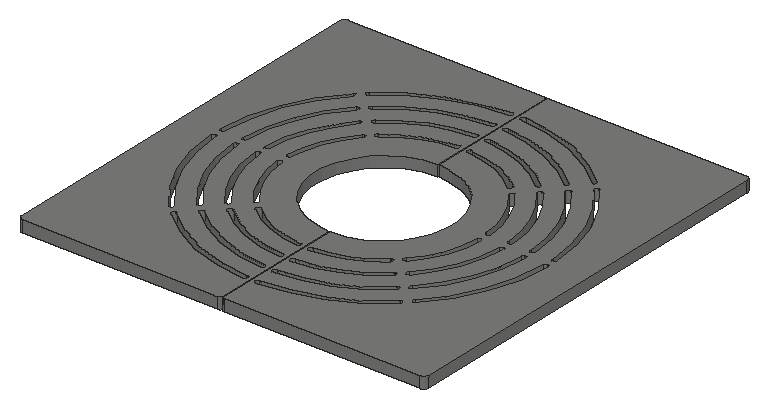
Revit family "Alcorque Taulat", category Furniture, Revit 2020
Family settings
  OmniClass Number = 23.40.20.00
  OmniClass Title = General Furniture and Specialties
  Work Plane-Based = No
  Always vertical = Yes
  Cut with Voids When Loaded = No
  Shared = No
  Room Calculation Point = No
Parameters (values of type "Alcorque Taulat-A29A-1495mm")
  URL_Producto = "https://www.benito.com/es/mobiliario-urbano/alcorques/taulat--A27A.html"
  Type Comments = "A25A con 3 aberturas circulares. A26A, A27A y A29A con 4 aberturas circulares."
  Material = Acero Ferrus
  H = 0.040 m
  Ficha_Tecnica = "https://www.benito.com/es/download/data-sheet-A27A"
  Fabricante = "BENITO URBAN SL"
  Description = "Alcorque fabricado en acero con tratamiento Ferrus, proceso protector del hierro que garantiza una óptima resistencia a la corrosión"
  Default Elevation = 0.000 m
  D = 0.500 m
  B = 1.495 m
  Alcorque Taulat-A29A-1495mm = yes
  Alcorque Taulat-A27A-1195mm = no
  Alcorque Taulat-A26A-995mm = no
  Alcorque Taulat-A25A-795mm = no
  A = 1.495 m
Reference planes (m)
  plane 1 "Center (Front/Back)": y = 0
  plane 2: z = 0
  plane 3 "Center (Left/Right)": x = 0
Dimensions and locks (m)
  aligned and locked: level to plane 2
Nested families (m)
  nested 1: "Alcorque Taulat-A25A-795mm" at (0, 0, 0), visible <- "Alcorque Taulat-A25A-795mm", type "Alcorque Taulat-A25A-795mm"
  nested 2: "Alcorque Taulat-A26A-995mm" at (0, 0, 0), visible <- "Alcorque Taulat-A26A-995mm", type "Alcorque Taulat-A26A-995mm"
  nested 3: "Alcorque Taulat-A27A-1195mm" at (0, 0, 0), visible <- "Alcorque Taulat-A27A-1195mm", type "Alcorque Taulat-A27A-1195mm"
  nested 4: "Alcorque Taulat-A29A-1495mm" at (0, 0, 0), visible <- "Alcorque Taulat-A29A-1495mm", type "Alcorque Taulat-A29A-1495mm"
Definition of nested family "Alcorque Taulat-A25A-795mm"
  Parameters (values of type "Alcorque Taulat-A25A-795mm")
    Default Elevation = 0.000 m
  Reference planes (m)
    plane 1 "Center (Front/Back)": y = 0
    plane 2: z = 0
    plane 3 "Center (Left/Right)": x = 0
    plane 4: y = 0.3975
    plane 5: y = -0.3975
    plane 6: x = 0.3975
    plane 7: x = -0.3975
    plane 8: z = 0.04
  Forms (m)
    Extrusion 1, solid
      sketch origin (0, 0, 0) x (1, 0, 0) y (0, 1, 0)
        loop
          arc (0.3875, -0.3975) -> (0.394571, -0.394571) -> (0.3975, -0.3875) r 0.01
          line (0.3975, -0.3875) -> (0.3975, 0.3875)
          arc (0.3975, 0.3875) -> (0.394571, 0.394571) -> (0.3875, 0.3975) r 0.01
          line (0.3875, 0.3975) -> (0.006, 0.3975)
          arc (0.006, 0.3975) -> (0.002464, 0.396036) -> (0.001, 0.3925) r 0.005
          line (0.001, 0.3925) -> (0.001, 0.154884)
          arc (0.001, 0.154884) -> (0.002397, 0.151417) -> (0.005806, 0.149888) r 0.005
          arc (0.005806, 0.149888) -> (0.15, 0) -> (0.005806, -0.149888) r 0.15
          arc (0.005806, -0.149888) -> (0.002397, -0.151417) -> (0.001, -0.154884) r 0.005
          line (0.001, -0.154884) -> (0.001, -0.3925)
          arc (0.001, -0.3925) -> (0.002464, -0.396036) -> (0.006, -0.3975) r 0.005
          line (0.006, -0.3975) -> (0.3875, -0.3975)
        loop
          arc (0.014671, 0.189433) -> (0.07271, 0.175537) -> (0.123575, 0.144323) r 0.19
          arc (0.123575, 0.144323) -> (0.131683, 0.145298) -> (0.131357, 0.153458) r 0.006019
          arc (0.131357, 0.153458) -> (0.077302, 0.186624) -> (0.015628, 0.201395) r 0.202
          arc (0.015628, 0.201395) -> (0.009628, 0.195855) -> (0.014671, 0.189433) r 0.006019
        loop
          arc (0.015628, 0.253519) -> (0.009628, 0.247886) -> (0.014871, 0.241543) r 0.006012
          arc (0.014871, 0.241543) -> (0.092609, 0.223579) -> (0.160281, 0.181312) r 0.242
          arc (0.160281, 0.181312) -> (0.168474, 0.182089) -> (0.168215, 0.190315) r 0.006012
          arc (0.168215, 0.190315) -> (0.097202, 0.234665) -> (0.015628, 0.253519) r 0.254
        loop
          arc (0.015628, 0.305601) -> (0.009628, 0.299906) -> (0.015002, 0.293617) r 0.006008
          arc (0.015002, 0.293617) -> (0.112509, 0.271621) -> (0.19701, 0.218227) r 0.294
          arc (0.19701, 0.218227) -> (0.205258, 0.218873) -> (0.205042, 0.227143) r 0.006008
          arc (0.205042, 0.227143) -> (0.117101, 0.282707) -> (0.015628, 0.305601) r 0.306
        loop
          arc (0.015095, 0.345671) -> (0.132408, 0.319662) -> (0.233752, 0.2551) r 0.346
          arc (0.233752, 0.2551) -> (0.242037, 0.255652) -> (0.241853, 0.263953) r 0.006006
          arc (0.241853, 0.263953) -> (0.137001, 0.330749) -> (0.015628, 0.357659) r 0.358
          arc (0.015628, 0.357659) -> (0.009628, 0.351919) -> (0.015095, 0.345671) r 0.006006
        loop
          arc (0.144323, 0.123575) -> (0.175537, 0.07271) -> (0.189433, 0.014671) r 0.19
          arc (0.189433, 0.014671) -> (0.195855, 0.009628) -> (0.201395, 0.015628) r 0.006019
          arc (0.201395, 0.015628) -> (0.186624, 0.077302) -> (0.153458, 0.131357) r 0.202
          arc (0.153458, 0.131357) -> (0.145298, 0.131683) -> (0.144323, 0.123575) r 0.006019
        loop
          arc (0.190315, 0.168215) -> (0.182089, 0.168474) -> (0.181312, 0.160281) r 0.006012
          arc (0.181312, 0.160281) -> (0.223579, 0.092609) -> (0.241543, 0.014871) r 0.242
          arc (0.241543, 0.014871) -> (0.247886, 0.009628) -> (0.253519, 0.015628) r 0.006012
          arc (0.253519, 0.015628) -> (0.234665, 0.097202) -> (0.190315, 0.168215) r 0.254
        loop
          arc (0.227143, 0.205042) -> (0.218873, 0.205258) -> (0.218227, 0.19701) r 0.006008
          arc (0.218227, 0.19701) -> (0.271621, 0.112509) -> (0.293617, 0.015002) r 0.294
          arc (0.293617, 0.015002) -> (0.299906, 0.009628) -> (0.305601, 0.015628) r 0.006008
          arc (0.305601, 0.015628) -> (0.282707, 0.117101) -> (0.227143, 0.205042) r 0.306
        loop
          arc (0.2551, 0.233752) -> (0.319662, 0.132408) -> (0.345671, 0.015095) r 0.346
          arc (0.345671, 0.015095) -> (0.351919, 0.009628) -> (0.357659, 0.015628) r 0.006006
          arc (0.357659, 0.015628) -> (0.330749, 0.137001) -> (0.263953, 0.241853) r 0.358
          arc (0.263953, 0.241853) -> (0.255652, 0.242037) -> (0.2551, 0.233752) r 0.006006
        loop
          arc (0.014671, -0.189433) -> (0.009628, -0.195855) -> (0.015628, -0.201395) r 0.006019
          arc (0.015628, -0.201395) -> (0.077302, -0.186624) -> (0.131357, -0.153458) r 0.202
          arc (0.131357, -0.153458) -> (0.131683, -0.145298) -> (0.123575, -0.144323) r 0.006019
          arc (0.123575, -0.144323) -> (0.07271, -0.175537) -> (0.014671, -0.189433) r 0.19
        loop
          arc (0.015628, -0.253519) -> (0.097202, -0.234665) -> (0.168215, -0.190315) r 0.254
          arc (0.168215, -0.190315) -> (0.168474, -0.182089) -> (0.160281, -0.181312) r 0.006012
          arc (0.160281, -0.181312) -> (0.092609, -0.223579) -> (0.014871, -0.241543) r 0.242
          arc (0.014871, -0.241543) -> (0.009628, -0.247886) -> (0.015628, -0.253519) r 0.006012
        loop
          arc (0.015628, -0.305601) -> (0.117101, -0.282707) -> (0.205042, -0.227143) r 0.306
          arc (0.205042, -0.227143) -> (0.205258, -0.218873) -> (0.19701, -0.218227) r 0.006008
          arc (0.19701, -0.218227) -> (0.112509, -0.271621) -> (0.015002, -0.293617) r 0.294
          arc (0.015002, -0.293617) -> (0.009628, -0.299906) -> (0.015628, -0.305601) r 0.006008
        loop
          arc (0.015095, -0.345671) -> (0.009628, -0.351919) -> (0.015628, -0.357659) r 0.006006
          arc (0.015628, -0.357659) -> (0.137001, -0.330749) -> (0.241853, -0.263953) r 0.358
          arc (0.241853, -0.263953) -> (0.242037, -0.255652) -> (0.233752, -0.2551) r 0.006006
          arc (0.233752, -0.2551) -> (0.132408, -0.319662) -> (0.015095, -0.345671) r 0.346
        loop
          arc (0.144323, -0.123575) -> (0.145298, -0.131683) -> (0.153458, -0.131357) r 0.006019
          arc (0.153458, -0.131357) -> (0.186624, -0.077302) -> (0.201395, -0.015628) r 0.202
          arc (0.201395, -0.015628) -> (0.195855, -0.009628) -> (0.189433, -0.014671) r 0.006019
          arc (0.189433, -0.014671) -> (0.175537, -0.07271) -> (0.144323, -0.123575) r 0.19
        loop
          arc (0.190315, -0.168215) -> (0.234665, -0.097202) -> (0.253519, -0.015628) r 0.254
          arc (0.253519, -0.015628) -> (0.247886, -0.009628) -> (0.241543, -0.014871) r 0.006012
          arc (0.241543, -0.014871) -> (0.223579, -0.092609) -> (0.181312, -0.160281) r 0.242
          arc (0.181312, -0.160281) -> (0.182089, -0.168474) -> (0.190315, -0.168215) r 0.006012
        loop
          arc (0.227143, -0.205042) -> (0.282707, -0.117101) -> (0.305601, -0.015628) r 0.306
          arc (0.305601, -0.015628) -> (0.299906, -0.009628) -> (0.293617, -0.015002) r 0.006008
          arc (0.293617, -0.015002) -> (0.271621, -0.112509) -> (0.218227, -0.19701) r 0.294
          arc (0.218227, -0.19701) -> (0.218873, -0.205258) -> (0.227143, -0.205042) r 0.006008
        loop
          arc (0.2551, -0.233752) -> (0.255652, -0.242037) -> (0.263953, -0.241853) r 0.006006
          arc (0.263953, -0.241853) -> (0.330749, -0.137001) -> (0.357659, -0.015628) r 0.358
          arc (0.357659, -0.015628) -> (0.351919, -0.009628) -> (0.345671, -0.015095) r 0.006006
          arc (0.345671, -0.015095) -> (0.319662, -0.132408) -> (0.2551, -0.233752) r 0.346
        loop
          line (-0.3875, -0.3975) -> (-0.006, -0.3975)
          arc (-0.006, -0.3975) -> (-0.002464, -0.396036) -> (-0.001, -0.3925) r 0.005
          line (-0.001, -0.3925) -> (-0.001, -0.154884)
          arc (-0.001, -0.154884) -> (-0.002397, -0.151417) -> (-0.005806, -0.149888) r 0.005
          arc (-0.005806, -0.149888) -> (-0.15, 0) -> (-0.005806, 0.149888) r 0.15
          arc (-0.005806, 0.149888) -> (-0.002397, 0.151417) -> (-0.001, 0.154884) r 0.005
          line (-0.001, 0.154884) -> (-0.001, 0.3925)
          arc (-0.001, 0.3925) -> (-0.002464, 0.396036) -> (-0.006, 0.3975) r 0.005
          line (-0.006, 0.3975) -> (-0.3875, 0.3975)
          arc (-0.3875, 0.3975) -> (-0.394571, 0.394571) -> (-0.3975, 0.3875) r 0.01
          line (-0.3975, 0.3875) -> (-0.3975, -0.3875)
          arc (-0.3975, -0.3875) -> (-0.394571, -0.394571) -> (-0.3875, -0.3975) r 0.01
        loop
          arc (-0.014671, 0.189433) -> (-0.009628, 0.195855) -> (-0.015628, 0.201395) r 0.006019
          arc (-0.015628, 0.201395) -> (-0.077302, 0.186624) -> (-0.131357, 0.153458) r 0.202
          arc (-0.131357, 0.153458) -> (-0.131683, 0.145298) -> (-0.123575, 0.144323) r 0.006019
          arc (-0.123575, 0.144323) -> (-0.07271, 0.175537) -> (-0.014671, 0.189433) r 0.19
        loop
          arc (-0.015628, 0.253519) -> (-0.097202, 0.234665) -> (-0.168215, 0.190315) r 0.254
          arc (-0.168215, 0.190315) -> (-0.168474, 0.182089) -> (-0.160281, 0.181312) r 0.006012
          arc (-0.160281, 0.181312) -> (-0.092609, 0.223579) -> (-0.014871, 0.241543) r 0.242
          arc (-0.014871, 0.241543) -> (-0.009628, 0.247886) -> (-0.015628, 0.253519) r 0.006012
        loop
          arc (-0.015628, 0.305601) -> (-0.117101, 0.282707) -> (-0.205042, 0.227143) r 0.306
          arc (-0.205042, 0.227143) -> (-0.205258, 0.218873) -> (-0.19701, 0.218227) r 0.006008
          arc (-0.19701, 0.218227) -> (-0.112509, 0.271621) -> (-0.015002, 0.293617) r 0.294
          arc (-0.015002, 0.293617) -> (-0.009628, 0.299906) -> (-0.015628, 0.305601) r 0.006008
        loop
          arc (-0.015095, 0.345671) -> (-0.009628, 0.351919) -> (-0.015628, 0.357659) r 0.006006
          arc (-0.015628, 0.357659) -> (-0.137001, 0.330749) -> (-0.241853, 0.263953) r 0.358
          arc (-0.241853, 0.263953) -> (-0.242037, 0.255652) -> (-0.233752, 0.2551) r 0.006006
          arc (-0.233752, 0.2551) -> (-0.132408, 0.319662) -> (-0.015095, 0.345671) r 0.346
        loop
          arc (-0.144323, 0.123575) -> (-0.145298, 0.131683) -> (-0.153458, 0.131357) r 0.006019
          arc (-0.153458, 0.131357) -> (-0.186624, 0.077302) -> (-0.201395, 0.015628) r 0.202
          arc (-0.201395, 0.015628) -> (-0.195855, 0.009628) -> (-0.189433, 0.014671) r 0.006019
          arc (-0.189433, 0.014671) -> (-0.175537, 0.07271) -> (-0.144323, 0.123575) r 0.19
        loop
          arc (-0.190315, 0.168215) -> (-0.234665, 0.097202) -> (-0.253519, 0.015628) r 0.254
          arc (-0.253519, 0.015628) -> (-0.247886, 0.009628) -> (-0.241543, 0.014871) r 0.006012
          arc (-0.241543, 0.014871) -> (-0.223579, 0.092609) -> (-0.181312, 0.160281) r 0.242
          arc (-0.181312, 0.160281) -> (-0.182089, 0.168474) -> (-0.190315, 0.168215) r 0.006012
        loop
          arc (-0.227143, 0.205042) -> (-0.282707, 0.117101) -> (-0.305601, 0.015628) r 0.306
          arc (-0.305601, 0.015628) -> (-0.299906, 0.009628) -> (-0.293617, 0.015002) r 0.006008
          arc (-0.293617, 0.015002) -> (-0.271621, 0.112509) -> (-0.218227, 0.19701) r 0.294
          arc (-0.218227, 0.19701) -> (-0.218873, 0.205258) -> (-0.227143, 0.205042) r 0.006008
        loop
          arc (-0.2551, 0.233752) -> (-0.255652, 0.242037) -> (-0.263953, 0.241853) r 0.006006
          arc (-0.263953, 0.241853) -> (-0.330749, 0.137001) -> (-0.357659, 0.015628) r 0.358
          arc (-0.357659, 0.015628) -> (-0.351919, 0.009628) -> (-0.345671, 0.015095) r 0.006006
          arc (-0.345671, 0.015095) -> (-0.319662, 0.132408) -> (-0.2551, 0.233752) r 0.346
        loop
          arc (-0.014671, -0.189433) -> (-0.07271, -0.175537) -> (-0.123575, -0.144323) r 0.19
          arc (-0.123575, -0.144323) -> (-0.131683, -0.145298) -> (-0.131357, -0.153458) r 0.006019
          arc (-0.131357, -0.153458) -> (-0.077302, -0.186624) -> (-0.015628, -0.201395) r 0.202
          arc (-0.015628, -0.201395) -> (-0.009628, -0.195855) -> (-0.014671, -0.189433) r 0.006019
        loop
          arc (-0.015628, -0.253519) -> (-0.009628, -0.247886) -> (-0.014871, -0.241543) r 0.006012
          arc (-0.014871, -0.241543) -> (-0.092609, -0.223579) -> (-0.160281, -0.181312) r 0.242
          arc (-0.160281, -0.181312) -> (-0.168474, -0.182089) -> (-0.168215, -0.190315) r 0.006012
          arc (-0.168215, -0.190315) -> (-0.097202, -0.234665) -> (-0.015628, -0.253519) r 0.254
        loop
          arc (-0.015628, -0.305601) -> (-0.009628, -0.299906) -> (-0.015002, -0.293617) r 0.006008
          arc (-0.015002, -0.293617) -> (-0.112509, -0.271621) -> (-0.19701, -0.218227) r 0.294
          arc (-0.19701, -0.218227) -> (-0.205258, -0.218873) -> (-0.205042, -0.227143) r 0.006008
          arc (-0.205042, -0.227143) -> (-0.117101, -0.282707) -> (-0.015628, -0.305601) r 0.306
        loop
          arc (-0.015095, -0.345671) -> (-0.132408, -0.319662) -> (-0.233752, -0.2551) r 0.346
          arc (-0.233752, -0.2551) -> (-0.242037, -0.255652) -> (-0.241853, -0.263953) r 0.006006
          arc (-0.241853, -0.263953) -> (-0.137001, -0.330749) -> (-0.015628, -0.357659) r 0.358
          arc (-0.015628, -0.357659) -> (-0.009628, -0.351919) -> (-0.015095, -0.345671) r 0.006006
        loop
          arc (-0.144323, -0.123575) -> (-0.175537, -0.07271) -> (-0.189433, -0.014671) r 0.19
          arc (-0.189433, -0.014671) -> (-0.195855, -0.009628) -> (-0.201395, -0.015628) r 0.006019
          arc (-0.201395, -0.015628) -> (-0.186624, -0.077302) -> (-0.153458, -0.131357) r 0.202
          arc (-0.153458, -0.131357) -> (-0.145298, -0.131683) -> (-0.144323, -0.123575) r 0.006019
        loop
          arc (-0.190315, -0.168215) -> (-0.182089, -0.168474) -> (-0.181312, -0.160281) r 0.006012
          arc (-0.181312, -0.160281) -> (-0.223579, -0.092609) -> (-0.241543, -0.014871) r 0.242
          arc (-0.241543, -0.014871) -> (-0.247886, -0.009628) -> (-0.253519, -0.015628) r 0.006012
          arc (-0.253519, -0.015628) -> (-0.234665, -0.097202) -> (-0.190315, -0.168215) r 0.254
        loop
          arc (-0.227143, -0.205042) -> (-0.218873, -0.205258) -> (-0.218227, -0.19701) r 0.006008
          arc (-0.218227, -0.19701) -> (-0.271621, -0.112509) -> (-0.293617, -0.015002) r 0.294
          arc (-0.293617, -0.015002) -> (-0.299906, -0.009628) -> (-0.305601, -0.015628) r 0.006008
          arc (-0.305601, -0.015628) -> (-0.282707, -0.117101) -> (-0.227143, -0.205042) r 0.306
        loop
          arc (-0.2551, -0.233752) -> (-0.319662, -0.132408) -> (-0.345671, -0.015095) r 0.346
          arc (-0.345671, -0.015095) -> (-0.351919, -0.009628) -> (-0.357659, -0.015628) r 0.006006
          arc (-0.357659, -0.015628) -> (-0.330749, -0.137001) -> (-0.263953, -0.241853) r 0.358
          arc (-0.263953, -0.241853) -> (-0.255652, -0.242037) -> (-0.2551, -0.233752) r 0.006006
      from 0 to 0.04
  Dimensions and locks (m)
    plane 5 to plane 4 = 0.795 m
    plane 7 to plane 6 = 0.795 m
    plane 8 to level = 0.040 m
    diameter of Extrusion 1 = 0.300 m
    aligned and locked: level to plane 2
Definition of nested family "Alcorque Taulat-A26A-995mm"
  Parameters (values of type "Alcorque Taulat-A26A-995mm")
    Default Elevation = 0.000 m
  Reference planes (m)
    plane 1 "Center (Front/Back)": y = 0
    plane 2: z = 0
    plane 3 "Center (Left/Right)": x = 0
    plane 4: y = 0.4975
    plane 5: z = 0.04
    plane 6: y = -0.4975
    plane 7: x = 0.4975
    plane 8: x = -0.4975
  Forms (m)
    Extrusion 1, solid
      sketch origin (0, 0, 0) x (1, 0, 0) y (0, 1, 0)
        loop
          arc (0.484984, -0.4975) -> (0.493834, -0.493834) -> (0.4975, -0.484984) r 0.012516
          line (0.4975, -0.484984) -> (0.4975, 0.484984)
          arc (0.4975, 0.484984) -> (0.493834, 0.493834) -> (0.484984, 0.4975) r 0.012516
          line (0.484984, 0.4975) -> (0.007509, 0.4975)
          arc (0.007509, 0.4975) -> (0.003084, 0.495667) -> (0.001252, 0.491242) r 0.006258
          line (0.001252, 0.491242) -> (0.001252, 0.149995)
          arc (0.001252, 0.149995) -> (0.15, 0) -> (0.001252, -0.149995) r 0.15
          line (0.001252, -0.149995) -> (0.001252, -0.491242)
          arc (0.001252, -0.491242) -> (0.003084, -0.495667) -> (0.007509, -0.4975) r 0.006258
          line (0.007509, -0.4975) -> (0.484984, -0.4975)
        loop
          arc (0.209162, 0.018745) -> (0.216989, 0.011916) -> (0.224161, 0.019416) r 0.007507
          arc (0.224161, 0.019416) -> (0.207873, 0.086104) -> (0.172235, 0.144776) r 0.225
          arc (0.172235, 0.144776) -> (0.16186, 0.145008) -> (0.161154, 0.134645) r 0.007507
          arc (0.161154, 0.134645) -> (0.194015, 0.080364) -> (0.209162, 0.018745) r 0.21
        loop
          arc (0.019416, 0.449581) -> (0.011916, 0.442403) -> (0.018758, 0.434595) r 0.007507
          arc (0.018758, 0.434595) -> (0.166467, 0.401888) -> (0.294041, 0.320569) r 0.435
          arc (0.294041, 0.320569) -> (0.3044, 0.321252) -> (0.304172, 0.331631) r 0.007507
          arc (0.304172, 0.331631) -> (0.172208, 0.415746) -> (0.019416, 0.449581) r 0.45
        loop
          arc (0.019416, 0.374497) -> (0.011916, 0.367312) -> (0.018772, 0.35951) r 0.007507
          arc (0.018772, 0.35951) -> (0.137766, 0.332597) -> (0.240938, 0.267486) r 0.36
          arc (0.240938, 0.267486) -> (0.251303, 0.268155) -> (0.25108, 0.278539) r 0.007507
          arc (0.25108, 0.278539) -> (0.143506, 0.346455) -> (0.019416, 0.374497) r 0.375
        loop
          arc (0.019416, 0.224161) -> (0.011916, 0.216989) -> (0.018746, 0.209176) r 0.007507
          arc (0.018746, 0.209176) -> (0.080364, 0.194015) -> (0.134645, 0.161154) r 0.21
          arc (0.134645, 0.161154) -> (0.145008, 0.16186) -> (0.144776, 0.172235) r 0.007507
          arc (0.144776, 0.172235) -> (0.086104, 0.207873) -> (0.019416, 0.224161) r 0.225
        loop
          arc (0.019416, 0.299371) -> (0.011913, 0.292113) -> (0.018918, 0.284373) r 0.007507
          arc (0.018918, 0.284373) -> (0.109065, 0.263306) -> (0.187704, 0.214458) r 0.285
          arc (0.187704, 0.214458) -> (0.198131, 0.214979) -> (0.197958, 0.225417) r 0.007507
          arc (0.197958, 0.225417) -> (0.114805, 0.277164) -> (0.019416, 0.299371) r 0.3
        loop
          arc (0.331631, 0.304172) -> (0.321252, 0.3044) -> (0.320569, 0.294041) r 0.007507
          arc (0.320569, 0.294041) -> (0.401888, 0.166467) -> (0.434595, 0.018758) r 0.435
          arc (0.434595, 0.018758) -> (0.442403, 0.011916) -> (0.449581, 0.019416) r 0.007507
          arc (0.449581, 0.019416) -> (0.415746, 0.172208) -> (0.331631, 0.304172) r 0.45
        loop
          arc (0.278539, 0.25108) -> (0.268155, 0.251303) -> (0.267486, 0.240938) r 0.007507
          arc (0.267486, 0.240938) -> (0.332597, 0.137766) -> (0.35951, 0.018772) r 0.36
          arc (0.35951, 0.018772) -> (0.367312, 0.011916) -> (0.374497, 0.019416) r 0.007507
          arc (0.374497, 0.019416) -> (0.346455, 0.143506) -> (0.278539, 0.25108) r 0.375
        loop
          arc (0.225417, 0.197958) -> (0.214979, 0.198131) -> (0.214459, 0.187705) r 0.007507
          arc (0.214459, 0.187705) -> (0.263306, 0.109065) -> (0.284371, 0.018918) r 0.285
          arc (0.284371, 0.018918) -> (0.292113, 0.011913) -> (0.299371, 0.019416) r 0.007507
          arc (0.299371, 0.019416) -> (0.277164, 0.114805) -> (0.225417, 0.197958) r 0.3
        loop
          arc (0.209162, -0.018745) -> (0.194015, -0.080364) -> (0.161154, -0.134645) r 0.21
          arc (0.161154, -0.134645) -> (0.16186, -0.145008) -> (0.172235, -0.144776) r 0.007507
          arc (0.172235, -0.144776) -> (0.207873, -0.086104) -> (0.224161, -0.019416) r 0.225
          arc (0.224161, -0.019416) -> (0.216989, -0.011916) -> (0.209162, -0.018745) r 0.007507
        loop
          arc (0.019416, -0.449581) -> (0.172208, -0.415746) -> (0.304172, -0.331631) r 0.45
          arc (0.304172, -0.331631) -> (0.3044, -0.321252) -> (0.294041, -0.320569) r 0.007507
          arc (0.294041, -0.320569) -> (0.166467, -0.401888) -> (0.018758, -0.434595) r 0.435
          arc (0.018758, -0.434595) -> (0.011916, -0.442403) -> (0.019416, -0.449581) r 0.007507
        loop
          arc (0.019416, -0.374497) -> (0.143506, -0.346455) -> (0.25108, -0.278539) r 0.375
          arc (0.25108, -0.278539) -> (0.251303, -0.268155) -> (0.240938, -0.267486) r 0.007507
          arc (0.240938, -0.267486) -> (0.137766, -0.332597) -> (0.018772, -0.35951) r 0.36
          arc (0.018772, -0.35951) -> (0.011916, -0.367312) -> (0.019416, -0.374497) r 0.007507
        loop
          arc (0.019416, -0.224161) -> (0.086104, -0.207873) -> (0.144776, -0.172235) r 0.225
          arc (0.144776, -0.172235) -> (0.145008, -0.16186) -> (0.134645, -0.161154) r 0.007507
          arc (0.134645, -0.161154) -> (0.080364, -0.194015) -> (0.018746, -0.209176) r 0.21
          arc (0.018746, -0.209176) -> (0.011916, -0.216989) -> (0.019416, -0.224161) r 0.007507
        loop
          arc (0.019416, -0.299371) -> (0.114805, -0.277164) -> (0.197958, -0.225417) r 0.3
          arc (0.197958, -0.225417) -> (0.198131, -0.214979) -> (0.187704, -0.214458) r 0.007507
          arc (0.187704, -0.214458) -> (0.109065, -0.263306) -> (0.018918, -0.284373) r 0.285
          arc (0.018918, -0.284373) -> (0.011913, -0.292113) -> (0.019416, -0.299371) r 0.007507
        loop
          arc (0.331631, -0.304172) -> (0.415746, -0.172208) -> (0.449581, -0.019416) r 0.45
          arc (0.449581, -0.019416) -> (0.442403, -0.011916) -> (0.434595, -0.018758) r 0.007507
          arc (0.434595, -0.018758) -> (0.401888, -0.166467) -> (0.320569, -0.294041) r 0.435
          arc (0.320569, -0.294041) -> (0.321252, -0.3044) -> (0.331631, -0.304172) r 0.007507
        loop
          arc (0.278539, -0.25108) -> (0.346455, -0.143506) -> (0.374497, -0.019416) r 0.375
          arc (0.374497, -0.019416) -> (0.367312, -0.011916) -> (0.35951, -0.018772) r 0.007507
          arc (0.35951, -0.018772) -> (0.332597, -0.137766) -> (0.267486, -0.240938) r 0.36
          arc (0.267486, -0.240938) -> (0.268155, -0.251303) -> (0.278539, -0.25108) r 0.007507
        loop
          arc (0.225417, -0.197958) -> (0.277164, -0.114805) -> (0.299371, -0.019416) r 0.3
          arc (0.299371, -0.019416) -> (0.292113, -0.011913) -> (0.284371, -0.018918) r 0.007507
          arc (0.284371, -0.018918) -> (0.263306, -0.109065) -> (0.214459, -0.187705) r 0.285
          arc (0.214459, -0.187705) -> (0.214979, -0.198131) -> (0.225417, -0.197958) r 0.007507
        loop
          line (-0.484984, -0.4975) -> (-0.007509, -0.4975)
          arc (-0.007509, -0.4975) -> (-0.003084, -0.495667) -> (-0.001252, -0.491242) r 0.006258
          line (-0.001252, -0.491242) -> (-0.001252, -0.149995)
          arc (-0.001252, -0.149995) -> (-0.15, 0) -> (-0.001252, 0.149995) r 0.15
          line (-0.001252, 0.149995) -> (-0.001252, 0.491242)
          arc (-0.001252, 0.491242) -> (-0.003084, 0.495667) -> (-0.007509, 0.4975) r 0.006258
          line (-0.007509, 0.4975) -> (-0.484984, 0.4975)
          arc (-0.484984, 0.4975) -> (-0.493834, 0.493834) -> (-0.4975, 0.484984) r 0.012516
          line (-0.4975, 0.484984) -> (-0.4975, -0.484984)
          arc (-0.4975, -0.484984) -> (-0.493834, -0.493834) -> (-0.484984, -0.4975) r 0.012516
        loop
          arc (-0.209162, 0.018745) -> (-0.194015, 0.080364) -> (-0.161154, 0.134645) r 0.21
          arc (-0.161154, 0.134645) -> (-0.16186, 0.145008) -> (-0.172235, 0.144776) r 0.007507
          arc (-0.172235, 0.144776) -> (-0.207873, 0.086104) -> (-0.224161, 0.019416) r 0.225
          arc (-0.224161, 0.019416) -> (-0.216989, 0.011916) -> (-0.209162, 0.018745) r 0.007507
        loop
          arc (-0.019416, 0.449581) -> (-0.172208, 0.415746) -> (-0.304172, 0.331631) r 0.45
          arc (-0.304172, 0.331631) -> (-0.3044, 0.321252) -> (-0.294041, 0.320569) r 0.007507
          arc (-0.294041, 0.320569) -> (-0.166467, 0.401888) -> (-0.018758, 0.434595) r 0.435
          arc (-0.018758, 0.434595) -> (-0.011916, 0.442403) -> (-0.019416, 0.449581) r 0.007507
        loop
          arc (-0.019416, 0.374497) -> (-0.143506, 0.346455) -> (-0.25108, 0.278539) r 0.375
          arc (-0.25108, 0.278539) -> (-0.251303, 0.268155) -> (-0.240938, 0.267486) r 0.007507
          arc (-0.240938, 0.267486) -> (-0.137766, 0.332597) -> (-0.018772, 0.35951) r 0.36
          arc (-0.018772, 0.35951) -> (-0.011916, 0.367312) -> (-0.019416, 0.374497) r 0.007507
        loop
          arc (-0.019416, 0.224161) -> (-0.086104, 0.207873) -> (-0.144776, 0.172235) r 0.225
          arc (-0.144776, 0.172235) -> (-0.145008, 0.16186) -> (-0.134645, 0.161154) r 0.007507
          arc (-0.134645, 0.161154) -> (-0.080364, 0.194015) -> (-0.018746, 0.209176) r 0.21
          arc (-0.018746, 0.209176) -> (-0.011916, 0.216989) -> (-0.019416, 0.224161) r 0.007507
        loop
          arc (-0.019416, 0.299371) -> (-0.114805, 0.277164) -> (-0.197958, 0.225417) r 0.3
          arc (-0.197958, 0.225417) -> (-0.198131, 0.214979) -> (-0.187704, 0.214458) r 0.007507
          arc (-0.187704, 0.214458) -> (-0.109065, 0.263306) -> (-0.018918, 0.284373) r 0.285
          arc (-0.018918, 0.284373) -> (-0.011913, 0.292113) -> (-0.019416, 0.299371) r 0.007507
        loop
          arc (-0.331631, 0.304172) -> (-0.415746, 0.172208) -> (-0.449581, 0.019416) r 0.45
          arc (-0.449581, 0.019416) -> (-0.442403, 0.011916) -> (-0.434595, 0.018758) r 0.007507
          arc (-0.434595, 0.018758) -> (-0.401888, 0.166467) -> (-0.320569, 0.294041) r 0.435
          arc (-0.320569, 0.294041) -> (-0.321252, 0.3044) -> (-0.331631, 0.304172) r 0.007507
        loop
          arc (-0.278539, 0.25108) -> (-0.346455, 0.143506) -> (-0.374497, 0.019416) r 0.375
          arc (-0.374497, 0.019416) -> (-0.367312, 0.011916) -> (-0.35951, 0.018772) r 0.007507
          arc (-0.35951, 0.018772) -> (-0.332597, 0.137766) -> (-0.267486, 0.240938) r 0.36
          arc (-0.267486, 0.240938) -> (-0.268155, 0.251303) -> (-0.278539, 0.25108) r 0.007507
        loop
          arc (-0.225417, 0.197958) -> (-0.277164, 0.114805) -> (-0.299371, 0.019416) r 0.3
          arc (-0.299371, 0.019416) -> (-0.292113, 0.011913) -> (-0.284371, 0.018918) r 0.007507
          arc (-0.284371, 0.018918) -> (-0.263306, 0.109065) -> (-0.214459, 0.187705) r 0.285
          arc (-0.214459, 0.187705) -> (-0.214979, 0.198131) -> (-0.225417, 0.197958) r 0.007507
        loop
          arc (-0.209162, -0.018745) -> (-0.216989, -0.011916) -> (-0.224161, -0.019416) r 0.007507
          arc (-0.224161, -0.019416) -> (-0.207873, -0.086104) -> (-0.172235, -0.144776) r 0.225
          arc (-0.172235, -0.144776) -> (-0.16186, -0.145008) -> (-0.161154, -0.134645) r 0.007507
          arc (-0.161154, -0.134645) -> (-0.194015, -0.080364) -> (-0.209162, -0.018745) r 0.21
        loop
          arc (-0.019416, -0.449581) -> (-0.011916, -0.442403) -> (-0.018758, -0.434595) r 0.007507
          arc (-0.018758, -0.434595) -> (-0.166467, -0.401888) -> (-0.294041, -0.320569) r 0.435
          arc (-0.294041, -0.320569) -> (-0.3044, -0.321252) -> (-0.304172, -0.331631) r 0.007507
          arc (-0.304172, -0.331631) -> (-0.172208, -0.415746) -> (-0.019416, -0.449581) r 0.45
        loop
          arc (-0.019416, -0.374497) -> (-0.011916, -0.367312) -> (-0.018772, -0.35951) r 0.007507
          arc (-0.018772, -0.35951) -> (-0.137766, -0.332597) -> (-0.240938, -0.267486) r 0.36
          arc (-0.240938, -0.267486) -> (-0.251303, -0.268155) -> (-0.25108, -0.278539) r 0.007507
          arc (-0.25108, -0.278539) -> (-0.143506, -0.346455) -> (-0.019416, -0.374497) r 0.375
        loop
          arc (-0.019416, -0.224161) -> (-0.011916, -0.216989) -> (-0.018746, -0.209176) r 0.007507
          arc (-0.018746, -0.209176) -> (-0.080364, -0.194015) -> (-0.134645, -0.161154) r 0.21
          arc (-0.134645, -0.161154) -> (-0.145008, -0.16186) -> (-0.144776, -0.172235) r 0.007507
          arc (-0.144776, -0.172235) -> (-0.086104, -0.207873) -> (-0.019416, -0.224161) r 0.225
        loop
          arc (-0.019416, -0.299371) -> (-0.011913, -0.292113) -> (-0.018918, -0.284373) r 0.007507
          arc (-0.018918, -0.284373) -> (-0.109065, -0.263306) -> (-0.187704, -0.214458) r 0.285
          arc (-0.187704, -0.214458) -> (-0.198131, -0.214979) -> (-0.197958, -0.225417) r 0.007507
          arc (-0.197958, -0.225417) -> (-0.114805, -0.277164) -> (-0.019416, -0.299371) r 0.3
        loop
          arc (-0.331631, -0.304172) -> (-0.321252, -0.3044) -> (-0.320569, -0.294041) r 0.007507
          arc (-0.320569, -0.294041) -> (-0.401888, -0.166467) -> (-0.434595, -0.018758) r 0.435
          arc (-0.434595, -0.018758) -> (-0.442403, -0.011916) -> (-0.449581, -0.019416) r 0.007507
          arc (-0.449581, -0.019416) -> (-0.415746, -0.172208) -> (-0.331631, -0.304172) r 0.45
        loop
          arc (-0.278539, -0.25108) -> (-0.268155, -0.251303) -> (-0.267486, -0.240938) r 0.007507
          arc (-0.267486, -0.240938) -> (-0.332597, -0.137766) -> (-0.35951, -0.018772) r 0.36
          arc (-0.35951, -0.018772) -> (-0.367312, -0.011916) -> (-0.374497, -0.019416) r 0.007507
          arc (-0.374497, -0.019416) -> (-0.346455, -0.143506) -> (-0.278539, -0.25108) r 0.375
        loop
          arc (-0.225417, -0.197958) -> (-0.214979, -0.198131) -> (-0.214459, -0.187705) r 0.007507
          arc (-0.214459, -0.187705) -> (-0.263306, -0.109065) -> (-0.284371, -0.018918) r 0.285
          arc (-0.284371, -0.018918) -> (-0.292113, -0.011913) -> (-0.299371, -0.019416) r 0.007507
          arc (-0.299371, -0.019416) -> (-0.277164, -0.114805) -> (-0.225417, -0.197958) r 0.3
      from 0 to 0.04
  Dimensions and locks (m)
    plane 5 to level = 0.040 m
    plane 4 to plane 6 = 0.995 m
    plane 8 to plane 7 = 0.995 m
    diameter of Extrusion 1 = 0.300 m
    aligned and locked: level to plane 2
Definition of nested family "Alcorque Taulat-A27A-1195mm"
  Parameters (values of type "Alcorque Taulat-A27A-1195mm")
    Default Elevation = 0.000 m
  Reference planes (m)
    plane 1 "Center (Front/Back)": y = 0
    plane 2: z = 0
    plane 3 "Center (Left/Right)": x = 0
    plane 4: y = 0.4975
    plane 5: z = 0.04
    plane 6: y = -0.5975
    plane 7: x = -0.4975
    plane 8: y = 0.5975
    plane 9: x = 0.5975
    plane 10: x = -0.5975
  Forms (m)
    Extrusion 1, solid
      sketch origin (0, 0, 0) x (1, 0, 0) y (0, 1, 0)
        loop
          arc (0.582469, -0.5975) -> (0.593097, -0.593097) -> (0.5975, -0.582469) r 0.015031
          line (0.5975, -0.582469) -> (0.5975, 0.582469)
          arc (0.5975, 0.582469) -> (0.593097, 0.593097) -> (0.582469, 0.5975) r 0.015031
          line (0.582469, 0.5975) -> (0.009019, 0.5975)
          arc (0.009019, 0.5975) -> (0.003704, 0.595299) -> (0.001503, 0.589984) r 0.007516
          line (0.001503, 0.589984) -> (0.001503, 0.234995)
          arc (0.001503, 0.234995) -> (0.235, 0) -> (0.001503, -0.234995) r 0.235
          line (0.001503, -0.234995) -> (0.001503, -0.589984)
          arc (0.001503, -0.589984) -> (0.003704, -0.595299) -> (0.009019, -0.5975) r 0.007516
          line (0.009019, -0.5975) -> (0.582469, -0.5975)
        loop
          arc (0.018209, 0.494665) -> (0.010703, 0.48716) -> (0.018209, 0.479655) r 0.007505
          arc (0.018209, 0.479655) -> (0.183947, 0.443355) -> (0.326702, 0.351661) r 0.48
          arc (0.326702, 0.351661) -> (0.3371, 0.352244) -> (0.336906, 0.362656) r 0.007505
          arc (0.336906, 0.362656) -> (0.189428, 0.45732) -> (0.018209, 0.494665) r 0.495
        loop
          arc (0.018209, 0.429614) -> (0.010709, 0.422386) -> (0.017654, 0.414624) r 0.007505
          arc (0.017654, 0.414624) -> (0.158814, 0.38341) -> (0.2807, 0.305667) r 0.415
          arc (0.2807, 0.305667) -> (0.2911, 0.306244) -> (0.290908, 0.316659) r 0.007505
          arc (0.290908, 0.316659) -> (0.164554, 0.397268) -> (0.018209, 0.429614) r 0.43
        loop
          arc (0.018209, 0.364546) -> (0.010705, 0.357173) -> (0.017944, 0.34954) r 0.007505
          arc (0.017944, 0.34954) -> (0.134048, 0.323313) -> (0.234648, 0.259693) r 0.35
          arc (0.234648, 0.259693) -> (0.245071, 0.260214) -> (0.244897, 0.270648) r 0.007505
          arc (0.244897, 0.270648) -> (0.139679, 0.337216) -> (0.018209, 0.364546) r 0.365
        loop
          arc (0.018209, 0.299447) -> (0.010707, 0.292175) -> (0.017741, 0.284451) r 0.007505
          arc (0.017741, 0.284451) -> (0.109065, 0.263306) -> (0.18859, 0.21368) r 0.285
          arc (0.18859, 0.21368) -> (0.199028, 0.21417) -> (0.198865, 0.224616) r 0.007505
          arc (0.198865, 0.224616) -> (0.114805, 0.277164) -> (0.018209, 0.299447) r 0.3
        loop
          arc (0.362656, 0.336906) -> (0.352244, 0.3371) -> (0.351661, 0.326702) r 0.007505
          arc (0.351661, 0.326702) -> (0.443462, 0.183688) -> (0.479675, 0.017648) r 0.48
          arc (0.479675, 0.017648) -> (0.48744, 0.010709) -> (0.494665, 0.018209) r 0.007505
          arc (0.494665, 0.018209) -> (0.45732, 0.189428) -> (0.362656, 0.336906) r 0.495
        loop
          arc (0.316659, 0.290908) -> (0.306244, 0.2911) -> (0.305667, 0.2807) r 0.007505
          arc (0.305667, 0.2807) -> (0.38341, 0.158814) -> (0.414624, 0.017654) r 0.415
          arc (0.414624, 0.017654) -> (0.422386, 0.010709) -> (0.429614, 0.018209) r 0.007505
          arc (0.429614, 0.018209) -> (0.397268, 0.164554) -> (0.316659, 0.290908) r 0.43
        loop
          arc (0.270648, 0.244897) -> (0.260214, 0.245071) -> (0.259693, 0.234648) r 0.007505
          arc (0.259693, 0.234648) -> (0.323313, 0.134048) -> (0.34954, 0.017944) r 0.35
          arc (0.34954, 0.017944) -> (0.357173, 0.010705) -> (0.364546, 0.018209) r 0.007505
          arc (0.364546, 0.018209) -> (0.337216, 0.139679) -> (0.270648, 0.244897) r 0.365
        loop
          arc (0.224616, 0.198865) -> (0.21417, 0.199028) -> (0.213682, 0.188592) r 0.007505
          arc (0.213682, 0.188592) -> (0.263306, 0.109065) -> (0.284447, 0.017741) r 0.285
          arc (0.284447, 0.017741) -> (0.292175, 0.010707) -> (0.299447, 0.018209) r 0.007505
          arc (0.299447, 0.018209) -> (0.277164, 0.114805) -> (0.224616, 0.198865) r 0.3
        loop
          arc (0.018209, -0.494665) -> (0.189428, -0.45732) -> (0.336906, -0.362656) r 0.495
          arc (0.336906, -0.362656) -> (0.3371, -0.352244) -> (0.326702, -0.351661) r 0.007505
          arc (0.326702, -0.351661) -> (0.183947, -0.443355) -> (0.018209, -0.479655) r 0.48
          arc (0.018209, -0.479655) -> (0.010703, -0.48716) -> (0.018209, -0.494665) r 0.007505
        loop
          arc (0.018209, -0.429614) -> (0.164554, -0.397268) -> (0.290908, -0.316659) r 0.43
          arc (0.290908, -0.316659) -> (0.2911, -0.306244) -> (0.2807, -0.305667) r 0.007505
          arc (0.2807, -0.305667) -> (0.158814, -0.38341) -> (0.017654, -0.414624) r 0.415
          arc (0.017654, -0.414624) -> (0.010709, -0.422386) -> (0.018209, -0.429614) r 0.007505
        loop
          arc (0.018209, -0.364546) -> (0.139679, -0.337216) -> (0.244897, -0.270648) r 0.365
          arc (0.244897, -0.270648) -> (0.245071, -0.260214) -> (0.234648, -0.259693) r 0.007505
          arc (0.234648, -0.259693) -> (0.134048, -0.323313) -> (0.017944, -0.34954) r 0.35
          arc (0.017944, -0.34954) -> (0.010705, -0.357173) -> (0.018209, -0.364546) r 0.007505
        loop
          arc (0.018209, -0.299447) -> (0.114805, -0.277164) -> (0.198865, -0.224616) r 0.3
          arc (0.198865, -0.224616) -> (0.199028, -0.21417) -> (0.18859, -0.21368) r 0.007505
          arc (0.18859, -0.21368) -> (0.109065, -0.263306) -> (0.017741, -0.284451) r 0.285
          arc (0.017741, -0.284451) -> (0.010707, -0.292175) -> (0.018209, -0.299447) r 0.007505
        loop
          arc (0.362656, -0.336906) -> (0.45732, -0.189428) -> (0.494665, -0.018209) r 0.495
          arc (0.494665, -0.018209) -> (0.48744, -0.010709) -> (0.479675, -0.017648) r 0.007505
          arc (0.479675, -0.017648) -> (0.443462, -0.183688) -> (0.351661, -0.326702) r 0.48
          arc (0.351661, -0.326702) -> (0.352244, -0.3371) -> (0.362656, -0.336906) r 0.007505
        loop
          arc (0.316659, -0.290908) -> (0.397268, -0.164554) -> (0.429614, -0.018209) r 0.43
          arc (0.429614, -0.018209) -> (0.422386, -0.010709) -> (0.414624, -0.017654) r 0.007505
          arc (0.414624, -0.017654) -> (0.38341, -0.158814) -> (0.305667, -0.2807) r 0.415
          arc (0.305667, -0.2807) -> (0.306244, -0.2911) -> (0.316659, -0.290908) r 0.007505
        loop
          arc (0.270648, -0.244897) -> (0.337216, -0.139679) -> (0.364546, -0.018209) r 0.365
          arc (0.364546, -0.018209) -> (0.357173, -0.010705) -> (0.34954, -0.017944) r 0.007505
          arc (0.34954, -0.017944) -> (0.323313, -0.134048) -> (0.259693, -0.234648) r 0.35
          arc (0.259693, -0.234648) -> (0.260214, -0.245071) -> (0.270648, -0.244897) r 0.007505
        loop
          arc (0.224616, -0.198865) -> (0.277164, -0.114805) -> (0.299447, -0.018209) r 0.3
          arc (0.299447, -0.018209) -> (0.292175, -0.010707) -> (0.284447, -0.017741) r 0.007505
          arc (0.284447, -0.017741) -> (0.263306, -0.109065) -> (0.213682, -0.188592) r 0.285
          arc (0.213682, -0.188592) -> (0.21417, -0.199028) -> (0.224616, -0.198865) r 0.007505
        loop
          line (-0.582469, -0.5975) -> (-0.009019, -0.5975)
          arc (-0.009019, -0.5975) -> (-0.003704, -0.595299) -> (-0.001503, -0.589984) r 0.007516
          line (-0.001503, -0.589984) -> (-0.001503, -0.234995)
          arc (-0.001503, -0.234995) -> (-0.235, 0) -> (-0.001503, 0.234995) r 0.235
          line (-0.001503, 0.234995) -> (-0.001503, 0.589984)
          arc (-0.001503, 0.589984) -> (-0.003704, 0.595299) -> (-0.009019, 0.5975) r 0.007516
          line (-0.009019, 0.5975) -> (-0.582469, 0.5975)
          arc (-0.582469, 0.5975) -> (-0.593097, 0.593097) -> (-0.5975, 0.582469) r 0.015031
          line (-0.5975, 0.582469) -> (-0.5975, -0.582469)
          arc (-0.5975, -0.582469) -> (-0.593097, -0.593097) -> (-0.582469, -0.5975) r 0.015031
        loop
          arc (-0.018209, 0.494665) -> (-0.189428, 0.45732) -> (-0.336906, 0.362656) r 0.495
          arc (-0.336906, 0.362656) -> (-0.3371, 0.352244) -> (-0.326702, 0.351661) r 0.007505
          arc (-0.326702, 0.351661) -> (-0.183947, 0.443355) -> (-0.018209, 0.479655) r 0.48
          arc (-0.018209, 0.479655) -> (-0.010703, 0.48716) -> (-0.018209, 0.494665) r 0.007505
        loop
          arc (-0.018209, 0.429614) -> (-0.164554, 0.397268) -> (-0.290908, 0.316659) r 0.43
          arc (-0.290908, 0.316659) -> (-0.2911, 0.306244) -> (-0.2807, 0.305667) r 0.007505
          arc (-0.2807, 0.305667) -> (-0.158814, 0.38341) -> (-0.017654, 0.414624) r 0.415
          arc (-0.017654, 0.414624) -> (-0.010709, 0.422386) -> (-0.018209, 0.429614) r 0.007505
        loop
          arc (-0.018209, 0.364546) -> (-0.139679, 0.337216) -> (-0.244897, 0.270648) r 0.365
          arc (-0.244897, 0.270648) -> (-0.245071, 0.260214) -> (-0.234648, 0.259693) r 0.007505
          arc (-0.234648, 0.259693) -> (-0.134048, 0.323313) -> (-0.017944, 0.34954) r 0.35
          arc (-0.017944, 0.34954) -> (-0.010705, 0.357173) -> (-0.018209, 0.364546) r 0.007505
        loop
          arc (-0.018209, 0.299447) -> (-0.114805, 0.277164) -> (-0.198865, 0.224616) r 0.3
          arc (-0.198865, 0.224616) -> (-0.199028, 0.21417) -> (-0.18859, 0.21368) r 0.007505
          arc (-0.18859, 0.21368) -> (-0.109065, 0.263306) -> (-0.017741, 0.284451) r 0.285
          arc (-0.017741, 0.284451) -> (-0.010707, 0.292175) -> (-0.018209, 0.299447) r 0.007505
        loop
          arc (-0.362656, 0.336906) -> (-0.45732, 0.189428) -> (-0.494665, 0.018209) r 0.495
          arc (-0.494665, 0.018209) -> (-0.48744, 0.010709) -> (-0.479675, 0.017648) r 0.007505
          arc (-0.479675, 0.017648) -> (-0.443462, 0.183688) -> (-0.351661, 0.326702) r 0.48
          arc (-0.351661, 0.326702) -> (-0.352244, 0.3371) -> (-0.362656, 0.336906) r 0.007505
        loop
          arc (-0.316659, 0.290908) -> (-0.397268, 0.164554) -> (-0.429614, 0.018209) r 0.43
          arc (-0.429614, 0.018209) -> (-0.422386, 0.010709) -> (-0.414624, 0.017654) r 0.007505
          arc (-0.414624, 0.017654) -> (-0.38341, 0.158814) -> (-0.305667, 0.2807) r 0.415
          arc (-0.305667, 0.2807) -> (-0.306244, 0.2911) -> (-0.316659, 0.290908) r 0.007505
        loop
          arc (-0.270648, 0.244897) -> (-0.337216, 0.139679) -> (-0.364546, 0.018209) r 0.365
          arc (-0.364546, 0.018209) -> (-0.357173, 0.010705) -> (-0.34954, 0.017944) r 0.007505
          arc (-0.34954, 0.017944) -> (-0.323313, 0.134048) -> (-0.259693, 0.234648) r 0.35
          arc (-0.259693, 0.234648) -> (-0.260214, 0.245071) -> (-0.270648, 0.244897) r 0.007505
        loop
          arc (-0.224616, 0.198865) -> (-0.277164, 0.114805) -> (-0.299447, 0.018209) r 0.3
          arc (-0.299447, 0.018209) -> (-0.292175, 0.010707) -> (-0.284447, 0.017741) r 0.007505
          arc (-0.284447, 0.017741) -> (-0.263306, 0.109065) -> (-0.213682, 0.188592) r 0.285
          arc (-0.213682, 0.188592) -> (-0.21417, 0.199028) -> (-0.224616, 0.198865) r 0.007505
        loop
          arc (-0.018209, -0.494665) -> (-0.010703, -0.48716) -> (-0.018209, -0.479655) r 0.007505
          arc (-0.018209, -0.479655) -> (-0.183947, -0.443355) -> (-0.326702, -0.351661) r 0.48
          arc (-0.326702, -0.351661) -> (-0.3371, -0.352244) -> (-0.336906, -0.362656) r 0.007505
          arc (-0.336906, -0.362656) -> (-0.189428, -0.45732) -> (-0.018209, -0.494665) r 0.495
        loop
          arc (-0.018209, -0.429614) -> (-0.010709, -0.422386) -> (-0.017654, -0.414624) r 0.007505
          arc (-0.017654, -0.414624) -> (-0.158814, -0.38341) -> (-0.2807, -0.305667) r 0.415
          arc (-0.2807, -0.305667) -> (-0.2911, -0.306244) -> (-0.290908, -0.316659) r 0.007505
          arc (-0.290908, -0.316659) -> (-0.164554, -0.397268) -> (-0.018209, -0.429614) r 0.43
        loop
          arc (-0.018209, -0.364546) -> (-0.010705, -0.357173) -> (-0.017944, -0.34954) r 0.007505
          arc (-0.017944, -0.34954) -> (-0.134048, -0.323313) -> (-0.234648, -0.259693) r 0.35
          arc (-0.234648, -0.259693) -> (-0.245071, -0.260214) -> (-0.244897, -0.270648) r 0.007505
          arc (-0.244897, -0.270648) -> (-0.139679, -0.337216) -> (-0.018209, -0.364546) r 0.365
        loop
          arc (-0.018209, -0.299447) -> (-0.010707, -0.292175) -> (-0.017741, -0.284451) r 0.007505
          arc (-0.017741, -0.284451) -> (-0.109065, -0.263306) -> (-0.18859, -0.21368) r 0.285
          arc (-0.18859, -0.21368) -> (-0.199028, -0.21417) -> (-0.198865, -0.224616) r 0.007505
          arc (-0.198865, -0.224616) -> (-0.114805, -0.277164) -> (-0.018209, -0.299447) r 0.3
        loop
          arc (-0.362656, -0.336906) -> (-0.352244, -0.3371) -> (-0.351661, -0.326702) r 0.007505
          arc (-0.351661, -0.326702) -> (-0.443462, -0.183688) -> (-0.479675, -0.017648) r 0.48
          arc (-0.479675, -0.017648) -> (-0.48744, -0.010709) -> (-0.494665, -0.018209) r 0.007505
          arc (-0.494665, -0.018209) -> (-0.45732, -0.189428) -> (-0.362656, -0.336906) r 0.495
        loop
          arc (-0.316659, -0.290908) -> (-0.306244, -0.2911) -> (-0.305667, -0.2807) r 0.007505
          arc (-0.305667, -0.2807) -> (-0.38341, -0.158814) -> (-0.414624, -0.017654) r 0.415
          arc (-0.414624, -0.017654) -> (-0.422386, -0.010709) -> (-0.429614, -0.018209) r 0.007505
          arc (-0.429614, -0.018209) -> (-0.397268, -0.164554) -> (-0.316659, -0.290908) r 0.43
        loop
          arc (-0.270648, -0.244897) -> (-0.260214, -0.245071) -> (-0.259693, -0.234648) r 0.007505
          arc (-0.259693, -0.234648) -> (-0.323313, -0.134048) -> (-0.34954, -0.017944) r 0.35
          arc (-0.34954, -0.017944) -> (-0.357173, -0.010705) -> (-0.364546, -0.018209) r 0.007505
          arc (-0.364546, -0.018209) -> (-0.337216, -0.139679) -> (-0.270648, -0.244897) r 0.365
        loop
          arc (-0.224616, -0.198865) -> (-0.21417, -0.199028) -> (-0.213682, -0.188592) r 0.007505
          arc (-0.213682, -0.188592) -> (-0.263306, -0.109065) -> (-0.284447, -0.017741) r 0.285
          arc (-0.284447, -0.017741) -> (-0.292175, -0.010707) -> (-0.299447, -0.018209) r 0.007505
          arc (-0.299447, -0.018209) -> (-0.277164, -0.114805) -> (-0.224616, -0.198865) r 0.3
      from 0 to 0.04
  Dimensions and locks (m)
    plane 5 to level = 0.040 m
    plane 6 to plane 8 = 1.195 m
    plane 10 to plane 9 = 1.195 m
    diameter of Extrusion 1 = 0.470 m
    aligned and locked: level to plane 2
Definition of nested family "Alcorque Taulat-A29A-1495mm"
  Parameters (values of type "Alcorque Taulat-A29A-1495mm")
    Default Elevation = 0.000 m
  Reference planes (m)
    plane 1 "Center (Front/Back)": y = 0
    plane 2: z = 0
    plane 3 "Center (Left/Right)": x = 0
    plane 4: y = 0.4975
    plane 5: z = 0.04
    plane 6: y = -0.7475
    plane 7: y = 0.5975
    plane 8: x = 0.7475
    plane 9: x = -0.7475
    plane 10: y = 0.7475
  Forms (m)
    Extrusion 1, solid
      sketch origin (0, 0, 0) x (1, 0, 0) y (0, 1, 0)
        loop
          arc (0.728695, -0.7475) -> (0.741992, -0.741992) -> (0.7475, -0.728695) r 0.018805
          line (0.7475, -0.728695) -> (0.7475, 0.728695)
          arc (0.7475, 0.728695) -> (0.741992, 0.741992) -> (0.728695, 0.7475) r 0.018805
          line (0.728695, 0.7475) -> (0.011283, 0.7475)
          arc (0.011283, 0.7475) -> (0.004634, 0.744746) -> (0.001881, 0.738097) r 0.009403
          line (0.001881, 0.738097) -> (0.001881, 0.249993)
          arc (0.001881, 0.249993) -> (0.25, 0) -> (0.001881, -0.249993) r 0.25
          line (0.001881, -0.249993) -> (0.001881, -0.738097)
          arc (0.001881, -0.738097) -> (0.004634, -0.744746) -> (0.011283, -0.7475) r 0.009403
          line (0.011283, -0.7475) -> (0.728695, -0.7475)
        loop
          arc (0.02278, 0.618849) -> (0.01339, 0.609459) -> (0.02278, 0.60007) r 0.009389
          arc (0.02278, 0.60007) -> (0.230126, 0.554657) -> (0.40872, 0.439944) r 0.600502
          arc (0.40872, 0.439944) -> (0.421728, 0.440674) -> (0.421484, 0.4537) r 0.009389
          arc (0.421484, 0.4537) -> (0.236984, 0.572129) -> (0.02278, 0.618849) r 0.619268
        loop
          arc (0.02278, 0.537467) -> (0.013397, 0.528425) -> (0.022086, 0.518714) r 0.009389
          arc (0.022086, 0.518714) -> (0.198683, 0.479664) -> (0.351169, 0.382404) r 0.519184
          arc (0.351169, 0.382404) -> (0.36418, 0.383126) -> (0.363939, 0.396155) r 0.009389
          arc (0.363939, 0.396155) -> (0.205864, 0.497001) -> (0.02278, 0.537467) r 0.53795
        loop
          arc (0.02278, 0.456063) -> (0.013392, 0.44684) -> (0.022448, 0.43729) r 0.009389
          arc (0.022448, 0.43729) -> (0.1677, 0.404479) -> (0.293555, 0.324888) r 0.437866
          arc (0.293555, 0.324888) -> (0.306595, 0.325539) -> (0.306378, 0.338593) r 0.009389
          arc (0.306378, 0.338593) -> (0.174745, 0.421873) -> (0.02278, 0.456063) r 0.456632
        loop
          arc (0.02278, 0.374622) -> (0.013395, 0.365525) -> (0.022195, 0.355861) r 0.009389
          arc (0.022195, 0.355861) -> (0.136445, 0.329408) -> (0.235934, 0.267323) r 0.356548
          arc (0.235934, 0.267323) -> (0.248993, 0.267937) -> (0.24879, 0.281005) r 0.009389
          arc (0.24879, 0.281005) -> (0.143626, 0.346745) -> (0.02278, 0.374622) r 0.375314
        loop
          arc (0.4537, 0.421484) -> (0.440674, 0.421728) -> (0.439944, 0.40872) r 0.009389
          arc (0.439944, 0.40872) -> (0.554792, 0.229802) -> (0.600096, 0.022079) r 0.600502
          arc (0.600096, 0.022079) -> (0.60981, 0.013397) -> (0.618849, 0.02278) r 0.009389
          arc (0.618849, 0.02278) -> (0.572129, 0.236984) -> (0.4537, 0.421484) r 0.619268
        loop
          arc (0.396155, 0.363939) -> (0.383126, 0.36418) -> (0.382404, 0.351169) r 0.009389
          arc (0.382404, 0.351169) -> (0.479664, 0.198683) -> (0.518714, 0.022086) r 0.519184
          arc (0.518714, 0.022086) -> (0.528425, 0.013397) -> (0.537467, 0.02278) r 0.009389
          arc (0.537467, 0.02278) -> (0.497001, 0.205864) -> (0.396155, 0.363939) r 0.53795
        loop
          arc (0.338593, 0.306378) -> (0.325539, 0.306595) -> (0.324888, 0.293555) r 0.009389
          arc (0.324888, 0.293555) -> (0.404479, 0.1677) -> (0.43729, 0.022448) r 0.437866
          arc (0.43729, 0.022448) -> (0.44684, 0.013392) -> (0.456063, 0.02278) r 0.009389
          arc (0.456063, 0.02278) -> (0.421873, 0.174745) -> (0.338593, 0.306378) r 0.456632
        loop
          arc (0.281005, 0.24879) -> (0.267937, 0.248993) -> (0.267326, 0.235937) r 0.009389
          arc (0.267326, 0.235937) -> (0.329408, 0.136445) -> (0.355857, 0.022195) r 0.356548
          arc (0.355857, 0.022195) -> (0.365525, 0.013395) -> (0.374622, 0.02278) r 0.009389
          arc (0.374622, 0.02278) -> (0.346745, 0.143626) -> (0.281005, 0.24879) r 0.375314
        loop
          arc (0.02278, -0.618849) -> (0.236984, -0.572129) -> (0.421484, -0.4537) r 0.619268
          arc (0.421484, -0.4537) -> (0.421728, -0.440674) -> (0.40872, -0.439944) r 0.009389
          arc (0.40872, -0.439944) -> (0.230126, -0.554657) -> (0.02278, -0.60007) r 0.600502
          arc (0.02278, -0.60007) -> (0.01339, -0.609459) -> (0.02278, -0.618849) r 0.009389
        loop
          arc (0.02278, -0.537467) -> (0.205864, -0.497001) -> (0.363939, -0.396155) r 0.53795
          arc (0.363939, -0.396155) -> (0.36418, -0.383126) -> (0.351169, -0.382404) r 0.009389
          arc (0.351169, -0.382404) -> (0.198683, -0.479664) -> (0.022086, -0.518714) r 0.519184
          arc (0.022086, -0.518714) -> (0.013397, -0.528425) -> (0.02278, -0.537467) r 0.009389
        loop
          arc (0.02278, -0.456063) -> (0.174745, -0.421873) -> (0.306378, -0.338593) r 0.456632
          arc (0.306378, -0.338593) -> (0.306595, -0.325539) -> (0.293555, -0.324888) r 0.009389
          arc (0.293555, -0.324888) -> (0.1677, -0.404479) -> (0.022448, -0.43729) r 0.437866
          arc (0.022448, -0.43729) -> (0.013392, -0.44684) -> (0.02278, -0.456063) r 0.009389
        loop
          arc (0.02278, -0.374622) -> (0.143626, -0.346745) -> (0.24879, -0.281005) r 0.375314
          arc (0.24879, -0.281005) -> (0.248993, -0.267937) -> (0.235934, -0.267323) r 0.009389
          arc (0.235934, -0.267323) -> (0.136445, -0.329408) -> (0.022195, -0.355861) r 0.356548
          arc (0.022195, -0.355861) -> (0.013395, -0.365525) -> (0.02278, -0.374622) r 0.009389
        loop
          arc (0.4537, -0.421484) -> (0.572129, -0.236984) -> (0.618849, -0.02278) r 0.619268
          arc (0.618849, -0.02278) -> (0.60981, -0.013397) -> (0.600096, -0.022079) r 0.009389
          arc (0.600096, -0.022079) -> (0.554792, -0.229802) -> (0.439944, -0.40872) r 0.600502
          arc (0.439944, -0.40872) -> (0.440674, -0.421728) -> (0.4537, -0.421484) r 0.009389
        loop
          arc (0.396155, -0.363939) -> (0.497001, -0.205864) -> (0.537467, -0.02278) r 0.53795
          arc (0.537467, -0.02278) -> (0.528425, -0.013397) -> (0.518714, -0.022086) r 0.009389
          arc (0.518714, -0.022086) -> (0.479664, -0.198683) -> (0.382404, -0.351169) r 0.519184
          arc (0.382404, -0.351169) -> (0.383126, -0.36418) -> (0.396155, -0.363939) r 0.009389
        loop
          arc (0.338593, -0.306378) -> (0.421873, -0.174745) -> (0.456063, -0.02278) r 0.456632
          arc (0.456063, -0.02278) -> (0.44684, -0.013392) -> (0.43729, -0.022448) r 0.009389
          arc (0.43729, -0.022448) -> (0.404479, -0.1677) -> (0.324888, -0.293555) r 0.437866
          arc (0.324888, -0.293555) -> (0.325539, -0.306595) -> (0.338593, -0.306378) r 0.009389
        loop
          arc (0.281005, -0.24879) -> (0.346745, -0.143626) -> (0.374622, -0.02278) r 0.375314
          arc (0.374622, -0.02278) -> (0.365525, -0.013395) -> (0.355857, -0.022195) r 0.009389
          arc (0.355857, -0.022195) -> (0.329408, -0.136445) -> (0.267326, -0.235937) r 0.356548
          arc (0.267326, -0.235937) -> (0.267937, -0.248993) -> (0.281005, -0.24879) r 0.009389
        loop
          line (-0.728695, -0.7475) -> (-0.011283, -0.7475)
          arc (-0.011283, -0.7475) -> (-0.004634, -0.744746) -> (-0.001881, -0.738097) r 0.009403
          line (-0.001881, -0.738097) -> (-0.001881, -0.249993)
          arc (-0.001881, -0.249993) -> (-0.25, 0) -> (-0.001881, 0.249993) r 0.25
          line (-0.001881, 0.249993) -> (-0.001881, 0.738097)
          arc (-0.001881, 0.738097) -> (-0.004634, 0.744746) -> (-0.011283, 0.7475) r 0.009403
          line (-0.011283, 0.7475) -> (-0.728695, 0.7475)
          arc (-0.728695, 0.7475) -> (-0.741992, 0.741992) -> (-0.7475, 0.728695) r 0.018805
          line (-0.7475, 0.728695) -> (-0.7475, -0.728695)
          arc (-0.7475, -0.728695) -> (-0.741992, -0.741992) -> (-0.728695, -0.7475) r 0.018805
        loop
          arc (-0.02278, 0.618849) -> (-0.236984, 0.572129) -> (-0.421484, 0.4537) r 0.619268
          arc (-0.421484, 0.4537) -> (-0.421728, 0.440674) -> (-0.40872, 0.439944) r 0.009389
          arc (-0.40872, 0.439944) -> (-0.230126, 0.554657) -> (-0.02278, 0.60007) r 0.600502
          arc (-0.02278, 0.60007) -> (-0.01339, 0.609459) -> (-0.02278, 0.618849) r 0.009389
        loop
          arc (-0.02278, 0.537467) -> (-0.205864, 0.497001) -> (-0.363939, 0.396155) r 0.53795
          arc (-0.363939, 0.396155) -> (-0.36418, 0.383126) -> (-0.351169, 0.382404) r 0.009389
          arc (-0.351169, 0.382404) -> (-0.198683, 0.479664) -> (-0.022086, 0.518714) r 0.519184
          arc (-0.022086, 0.518714) -> (-0.013397, 0.528425) -> (-0.02278, 0.537467) r 0.009389
        loop
          arc (-0.02278, 0.456063) -> (-0.174745, 0.421873) -> (-0.306378, 0.338593) r 0.456632
          arc (-0.306378, 0.338593) -> (-0.306595, 0.325539) -> (-0.293555, 0.324888) r 0.009389
          arc (-0.293555, 0.324888) -> (-0.1677, 0.404479) -> (-0.022448, 0.43729) r 0.437866
          arc (-0.022448, 0.43729) -> (-0.013392, 0.44684) -> (-0.02278, 0.456063) r 0.009389
        loop
          arc (-0.02278, 0.374622) -> (-0.143626, 0.346745) -> (-0.24879, 0.281005) r 0.375314
          arc (-0.24879, 0.281005) -> (-0.248993, 0.267937) -> (-0.235934, 0.267323) r 0.009389
          arc (-0.235934, 0.267323) -> (-0.136445, 0.329408) -> (-0.022195, 0.355861) r 0.356548
          arc (-0.022195, 0.355861) -> (-0.013395, 0.365525) -> (-0.02278, 0.374622) r 0.009389
        loop
          arc (-0.4537, 0.421484) -> (-0.572129, 0.236984) -> (-0.618849, 0.02278) r 0.619268
          arc (-0.618849, 0.02278) -> (-0.60981, 0.013397) -> (-0.600096, 0.022079) r 0.009389
          arc (-0.600096, 0.022079) -> (-0.554792, 0.229802) -> (-0.439944, 0.40872) r 0.600502
          arc (-0.439944, 0.40872) -> (-0.440674, 0.421728) -> (-0.4537, 0.421484) r 0.009389
        loop
          arc (-0.396155, 0.363939) -> (-0.497001, 0.205864) -> (-0.537467, 0.02278) r 0.53795
          arc (-0.537467, 0.02278) -> (-0.528425, 0.013397) -> (-0.518714, 0.022086) r 0.009389
          arc (-0.518714, 0.022086) -> (-0.479664, 0.198683) -> (-0.382404, 0.351169) r 0.519184
          arc (-0.382404, 0.351169) -> (-0.383126, 0.36418) -> (-0.396155, 0.363939) r 0.009389
        loop
          arc (-0.338593, 0.306378) -> (-0.421873, 0.174745) -> (-0.456063, 0.02278) r 0.456632
          arc (-0.456063, 0.02278) -> (-0.44684, 0.013392) -> (-0.43729, 0.022448) r 0.009389
          arc (-0.43729, 0.022448) -> (-0.404479, 0.1677) -> (-0.324888, 0.293555) r 0.437866
          arc (-0.324888, 0.293555) -> (-0.325539, 0.306595) -> (-0.338593, 0.306378) r 0.009389
        loop
          arc (-0.281005, 0.24879) -> (-0.346745, 0.143626) -> (-0.374622, 0.02278) r 0.375314
          arc (-0.374622, 0.02278) -> (-0.365525, 0.013395) -> (-0.355857, 0.022195) r 0.009389
          arc (-0.355857, 0.022195) -> (-0.329408, 0.136445) -> (-0.267326, 0.235937) r 0.356548
